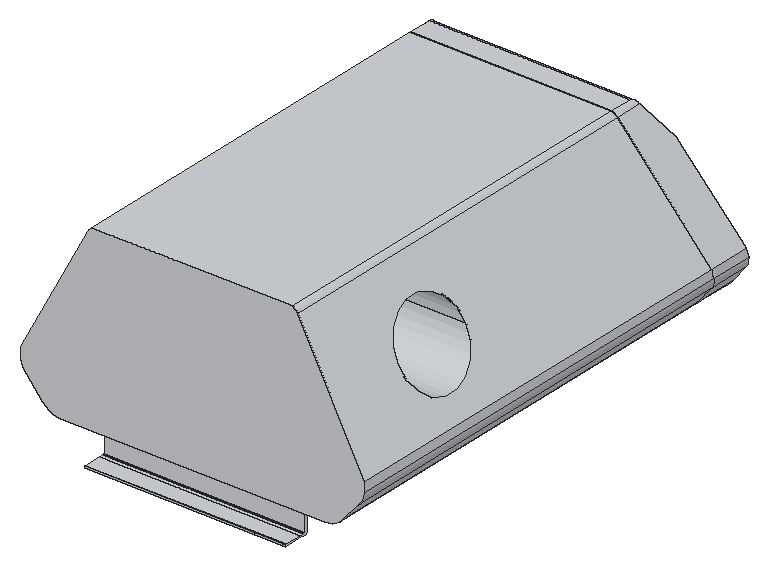
Revit family "Building-RicaricaVeicoliElettrici-GEWISS-JOINON-ION_PARETE-EV-R", category Apparecchi elettrici, host Superficie, Revit 2019
Family settings
  Host = Superficie
  Mantenere orientamento annotazione = No
  Quota connettore circolare = Usa diametro
  Tipo di parte = Normale
  Taglio con vuoti quando caricato = No
  Condiviso = No
  Punto di calcolo locali = No
Parameters (values of type "GWJ2123W100 - WB JOINON RFID 22 KW 1XT2S+SC - 3G EV-R")
  sp_y [instance] = 3306.156 mm
  sp_x [instance] = 2013.885 mm
  sp_effettivo_y [instance] = 4000 mm - sp_y  # 693.844 mm
  sp_effettivo_x [instance] = 4000 mm - sp_x  # 1986.115 mm
  bordo_simbolo [instance] = yes
  Versione file RFA = "19.4"
  URL = "https://www.gewiss.com/it/it"
  Trattamento superficiale = ""
  Trattamento esterno = "Anti-corrosione ed anti-graffito"
  Tipologia di installazione = ""
  Tipo di protezione differenziale = "Attualmente non presente"
  Tipo di installazione e montaggio = "A parete"
  Tensione nominale di isolamento (Ui) = "400 Volt"
  Tensione nominale = "400 Volt"
  Temperatura di utilizzo = "-25 +50 °C"
  Simbolo in pianta = yes
  Riarmo protezioni da remoto = "Attualmente non presente"
  Resistenza agli urti = "IK10"
  Protezioni = "No"
  Protezione magnetotermica = "Attualmente non presente"
  Default Elevation = 1219.2 mm
  Produttore = "GEWISS S.p.A."
  Prese di ricarica (EN62196) = ""
  Potenza max. = "22 kW per socket (2,3 kW per Tipo F)"
  Potenza massima per presa = ""
  Potenza di ricarica = "22 kW + 2,3 kW"
  Potenza complessiva: = "25 Chilowatt"
  Personalizzabile: = "SI (frontale)"
  OUTPUT : = "-"
  Numero di prese (tipo) = "1 (Tipo 2 anti-vandalo,  con shutter) + 1 (Tipo F)"
  N. Prese Tipo 2 = "1 (+1 prese domestiche tipo F)"
  Morsettiera: = "1 x (5 x 10 mm²) + 1 x (3 x 6 mm²)"
  Modo di ricarica (EN 61851) : = ""
  Modello = "GWJ2123W100"
  Materiale = "Lamiera d'acciaio"
  Lettore RFID = "Si"
  Immagine tipo = ION_PARETE.jpg
  INPUT: = "-"
  IDF = "35854cac-8071-4a65-aef2-cdb811c94d1a"
  Human Interface = "LED RGB e TFT Display"
  Grado di protezione = "IP54"
  Descrizione = "WB JOINON RFID 22 KW 1XT2S+SC - 3G EV-R"
  DC Leakage check = "Attualmente non presente"
  Creato da GEWISS S.p.A. = ""
  Corrente nominale: = "42 Ampere"
  Corrente massima per presa = ""
  Corrente in ingresso = ""
  Corrente erogata (max) = "32 A per socket (10 A per Tipo F)"
  Contatore di energia = "SI (Tipo MID)"
  ConnettivitÃ : = "LAN, WIFI, 4G"
  ConnettivitÃ  = ""
  Comunicazione = "Kit Ethernet e Modem 4G con antenna di potenziamento"
  Colore esterno = ""
  Colore = "Grigio, Testata RAL 7011"
  Codice Electrocod = ""
  Caratteristiche meccaniche = "-"
  COBie.Tagnumber = ""
  COBie.CreatedOn = ""
  COBie.CreatebBy = ""
  COBie.ComponentRegisterItemID = ""
  COBie.Component.TagNumber = ""
  COBie.Component.Space = ""
  COBie.Component.SerialNumber = ""
  COBie.Component.InstallationDate = ""
  COBie.Component.Description = ""
  COBie.Component.BarCode = ""
  Attivazione ricarica = "Gestito da remoto, via OCPP 1.6J"
  Alimentazione (2 linee separate) = ""
Types (17, lengths in mm): name | Trattamento superficiale | Tipologia di installazione | Tensione nominale di isolamento (Ui) | Tensione nominale | Prese di ricarica (EN62196) | Potenza max. | Potenza massima per presa | Potenza di ricarica | Potenza complessiva: | Numero di prese (tipo) | N. Prese Tipo 2 | Morsettiera: | Modo di ricarica (EN 61851) : | Modello | Lettore RFID | Grado di protezione | Descrizione | Corrente nominale: | Corrente massima per presa | Corrente in ingresso | Corrente erogata (max) | Contatore di energia | ConnettivitÃ : | ConnettivitÃ  | Comunicazione | Colore esterno | Codice Electrocod | Attivazione ricarica | Alimentazione (2 linee separate)
  (no name) | "Verniciatura superficiale anti-graffiti" | "A parete o su Palo" | "400 Volt" | "400 Volt" | "2 x Tipo 2" | "22 kW per socket (2,3 kW per Tipo F)" | "22 kW + 22 kW" | "22 kW + 2,3 kW" | "25 Chilowatt" | "1 (Tipo 2 anti-vandalo,  con shutter) + 1 (Tipo F)" | "1 (+1 prese domestiche tipo F)" | "1 x (5 x 10 mm²) + 1 x (3 x 6 mm²)" | "Modo 3" | "GWJ2123W100" | "Si" | "IP54" | "WB JOINON RFID 22 KW 1XT2S+SC - 3G EV-R" | "42 Ampere" | "32 A + 32 A" | "64 Ampere" | "32 A per socket (10 A per Tipo F)" | "SI (Tipo MID)" | "LAN, WIFI, 4G" | "OCPP 1.6 SOAP" | "Kit Ethernet e Modem 4G con antenna di potenziamento" | "Chassie Grigio, Cappello RAL7011" | "2242" | "Gestito da remoto, via OCPP 1.6J" | "Trifase 35 mm²"
  GWJ2101A100 - WB JOINON AUTOSTART 7,4 kW 2xT2S EV-R | "Verniciatura superficiale anti-graffiti" | "A parete o su Palo" | "230 Volt" | "230 Volt" | "2 x Tipo 2" | "7,4 kW per socket" | "7,4 kW + 7,4 kW" | "7,4 kW + 7,4 kW" | "15 Chilowatt" | "2 (Tipo 2 con shutter)" | "2" | "2 x (3 x 10 mm²)" | "Modo 3" | "GWJ2101A100" | "No" | "IP55" | "WB JOINON AUTOSTART 7,4 kW 2xT2S EV-R" | "64 Ampere" | "32 A + 32 A" | "64 Ampere" | "32 A per socket" | "Attualmente non presente" | "No" | "" | "" | "Chassie Grigio, Cappello RAL7011" | "2242" | "Accesso Libero" | "Monofase 35 mm²"
  GWJ2102A100 - WB JOINON AUTOSTART 11 kW 2xT2S EV-R | "Verniciatura superficiale anti-graffiti" | "A parete o su Palo" | "400 Volt" | "400 Volt" | "2 x Tipo 2" | "11 kW per socket" | "11 kW + 11 kW" | "11 kW + 11 kW" | "22 Chilowatt" | "2 (Tipo 2 con shutter)" | "2" | "2 x (5 x 10 mm²)" | "Modo 3" | "GWJ2102A100" | "No" | "IP55" | "WB JOINON AUTOSTART 11 kW 2xT2S EV-R" | "32 Ampere" | "16 A + 16 A" | "32 Ampere" | "16 A per socket" | "Attualmente non presente" | "No" | "" | "" | "Chassie Grigio, Cappello RAL7011" | "2242" | "Accesso Libero" | "Trifase 35 mm²"
  GWJ2103A100 - WB JOINON AUTOSTART 22 kW 2xT2S EV-R | "Verniciatura superficiale anti-graffiti" | "A parete o su Palo" | "400 Volt" | "400 Volt" | "2 x Tipo 2" | "22 kW per socket" | "22 kW + 22 kW" | "22 kW + 22 kW" | "44 Chilowatt" | "2 (Tipo 2 con shutter)" | "2" | "2 x (5 x 10 mm²)" | "Modo 3" | "GWJ2103A100" | "No" | "IP55" | "WB JOINON AUTOSTART 22 kW 2xT2S EV-R" | "64 Ampere" | "32 A + 32 A" | "64 Ampere" | "32 A per socket" | "Attualmente non presente" | "No" | "" | "" | "Chassie Grigio, Cappello RAL7011" | "2242" | "Accesso Libero" | "Trifase 35 mm²"
  GWJ2101R100 - WB JOINON RFID 7,4 kW 2xT2S EV-R | "Verniciatura superficiale anti-graffiti" | "A parete o su Palo" | "230 Volt" | "230 Volt" | "2 x Tipo 2" | "7,4 kW per socket" | "7,4 kW + 7,4 kW" | "7,4 kW + 7,4 kW" | "15 Chilowatt" | "2 (Tipo 2 anti-vandalo,  con shutter)" | "2" | "2 x (3 x 10 mm²)" | "Modo 3" | "GWJ2101R100" | "Si" | "IP55" | "WB JOINON RFID 7,4 kW 2xT2S EV-R" | "64 Ampere" | "32 A + 32 A" | "64 Ampere" | "32 A per socket" | "Attualmente non presente" | "No" | "" | "" | "Chassie Grigio, Cappello RAL7011" | "2242" | "Gestito localmente, via RFID" | "Monofase 35 mm²"
  GWJ2102R100 - WB JOINON RFID 11 kW 2xT2S EV-R | "Verniciatura superficiale anti-graffiti" | "A parete o su Palo" | "400 Volt" | "400 Volt" | "2 x Tipo 2" | "11 kW per socket" | "11 kW + 11 kW" | "11 kW + 11 kW" | "22 Chilowatt" | "2 (Tipo 2 anti-vandalo,  con shutter)" | "2" | "2 x (5 x 10 mm²)" | "Modo 3" | "GWJ2102R100" | "Si" | "IP55" | "WB JOINON RFID 11 kW 2xT2S EV-R" | "32 Ampere" | "16 A + 16 A" | "32 Ampere" | "16 A per socket" | "SI (Tipo MID)" | "No" | "" | "" | "Chassie Grigio, Cappello RAL7011" | "2242" | "Gestito localmente, via RFID" | "Trifase 35 mm²"
  GWJ2103R100 - WB JOINON RFID 22 kW 2xT2S EV-R | "Verniciatura superficiale anti-graffiti" | "A parete o su Palo" | "400 Volt" | "400 Volt" | "2 x Tipo 2" | "22 kW per socket" | "22 kW + 22 kW" | "22 kW + 22 kW" | "44 Chilowatt" | "2 (Tipo 2 anti-vandalo,  con shutter)" | "2" | "2 x (5 x 10 mm²)" | "Modo 3" | "GWJ2103R100" | "Si" | "IP55" | "WB JOINON RFID 22 kW 2xT2S EV-R" | "64 Ampere" | "32 A + 32 A" | "64 Ampere" | "32 A per socket" | "SI (Tipo MID)" | "No" | "" | "" | "Chassie Grigio, Cappello RAL7011" | "2242" | "Gestito localmente, via RFID" | "Trifase 35 mm²"
  GWJ2101L100 - WB JOINON RFID 7,4 KW 2XT2S - ETH EV-R | "Verniciatura superficiale anti-graffiti" | "A parete o su Palo" | "230 Volt" | "230 Volt" | "2 x Tipo 2" | "7,4 kW per socket" | "7,4 kW + 7,4 kW" | "7,4 kW + 7,4 kW" | "15 Chilowatt" | "2 (Tipo 2 anti-vandalo,  con shutter)" | "2" | "2 x (3 x 10 mm²)" | "Modo 3" | "GWJ2101L100" | "Si" | "IP55" | "WB JOINON RFID 7,4 KW 2XT2S - ETH EV-R" | "64 Ampere" | "32 A + 32 A" | "64 Ampere" | "32 A per socket" | "SI (Tipo MID)" | "LAN" | "OCPP 1.6 SOAP" | "Kit Ethernet" | "Chassie Grigio, Cappello RAL7011" | "2242" | "Gestito da remoto, via OCPP 1.6J" | "Monofase 35 mm²"
  GWJ2102L100 - WB JOINON RFID 11 KW 2XT2S - ETH EV-R | "Verniciatura superficiale anti-graffiti" | "A parete o su Palo" | "400 Volt" | "400 Volt" | "2 x Tipo 2" | "11 kW per socket" | "11 kW + 11 kW" | "11 kW + 11 kW" | "22 Chilowatt" | "2 (Tipo 2 anti-vandalo,  con shutter)" | "2" | "2 x (5 x 10 mm²)" | "Modo 3" | "GWJ2102L100" | "Si" | "IP55" | "WB JOINON RFID 11 KW 2XT2S - ETH EV-R" | "32 Ampere" | "16 A + 16 A" | "32 Ampere" | "16 A per socket" | "SI (Tipo MID)" | "LAN" | "OCPP 1.6 SOAP" | "Kit Ethernet" | "Chassie Grigio, Cappello RAL7011" | "2242" | "Gestito da remoto, via OCPP 1.6J" | "Trifase 35 mm²"
  GWJ2103L100 - WB JOINON RFID 22 KW 2XT2S - ETH EV-R | "Verniciatura superficiale anti-graffiti" | "A parete o su Palo" | "400 Volt" | "400 Volt" | "2 x Tipo 2" | "22 kW per socket" | "22 kW + 22 kW" | "22 kW + 22 kW" | "44 Chilowatt" | "2 (Tipo 2 anti-vandalo,  con shutter)" | "2" | "2 x (5 x 10 mm²)" | "Modo 3" | "GWJ2103L100" | "Si" | "IP55" | "WB JOINON RFID 22 KW 2XT2S - ETH EV-R" | "64 Ampere" | "32 A + 32 A" | "64 Ampere" | "32 A per socket" | "SI (Tipo MID)" | "LAN" | "OCPP 1.6 SOAP" | "Kit Ethernet" | "Chassie Grigio, Cappello RAL7011" | "2242" | "Gestito da remoto, via OCPP 1.6J" | "Trifase 35 mm²"
  GWJ2101W100 - WB JOINON RFID 7,4 KW 2XT2S - 3G EV-R | "Verniciatura superficiale anti-graffiti" | "A parete o su Palo" | "230 Volt" | "230 Volt" | "2 x Tipo 2" | "7,4 kW per socket" | "7,4 kW + 7,4 kW" | "7,4 kW + 7,4 kW" | "15 Chilowatt" | "2 (Tipo 2 anti-vandalo,  con shutter)" | "2" | "2 x (3 x 10 mm²)" | "Modo 3" | "GWJ2101W100" | "Si" | "IP55" | "WB JOINON RFID 7,4 KW 2XT2S - 3G EV-R" | "64 Ampere" | "32 A + 32 A" | "64 Ampere" | "32 A per socket" | "SI (Tipo MID)" | "LAN, WIFI, 4G" | "OCPP 1.6 SOAP" | "Kit Ethernet e Modem 4G con antenna di potenziamento" | "Chassie Grigio, Cappello RAL7011" | "2242" | "Gestito da remoto, via OCPP 1.6J" | "Monofase 35 mm²"
  GWJ2102W100 - WB JOINON RFID 11 KW 2XT2S - 3G EV-R | "Verniciatura superficiale anti-graffiti" | "A parete o su Palo" | "400 Volt" | "400 Volt" | "2 x Tipo 2" | "11 kW per socket" | "11 kW + 11 kW" | "11 kW + 11 kW" | "22 Chilowatt" | "2 (Tipo 2 anti-vandalo,  con shutter)" | "2" | "2 x (5 x 10 mm²)" | "Modo 3" | "GWJ2102W100" | "Si" | "IP55" | "WB JOINON RFID 11 KW 2XT2S - 3G EV-R" | "32 Ampere" | "16 A + 16 A" | "32 Ampere" | "16 A per socket" | "SI (Tipo MID)" | "LAN, WIFI, 4G" | "OCPP 1.6 SOAP" | "Kit Ethernet e Modem 4G con antenna di potenziamento" | "Chassie Grigio, Cappello RAL7011" | "2242" | "Gestito da remoto, via OCPP 1.6J" | "Trifase 35 mm²"
  GWJ2103W100 - WB JOINON RFID 22 KW 2XT2S - 3G EV-R | "Verniciatura superficiale anti-graffiti" | "A parete o su Palo" | "400 Volt" | "400 Volt" | "2 x Tipo 2" | "22 kW per socket" | "22 kW + 22 kW" | "22 kW + 22 kW" | "44 Chilowatt" | "2 (Tipo 2 anti-vandalo,  con shutter)" | "2" | "2 x (5 x 10 mm²)" | "Modo 3" | "GWJ2103W100" | "Si" | "IP55" | "WB JOINON RFID 22 KW 2XT2S - 3G EV-R" | "64 Ampere" | "32 A + 32 A" | "64 Ampere" | "32 A per socket" | "SI (Tipo MID)" | "LAN, WIFI, 4G" | "OCPP 1.6 SOAP" | "Kit Ethernet e Modem 4G con antenna di potenziamento" | "Chassie Grigio, Cappello RAL7011" | "2242" | "Gestito da remoto, via OCPP 1.6J" | "Trifase 35 mm²"
  GWJ2121R100 - WB JOINON RFID 7,4 kW 1xT2S+SC EV-R | "" | "" | "230 Volt" | "230 Volt" | "" | "7,4 kW per socket (2,3 kW per Tipo F)" | "" | "7,4 kW + 2,3 kW" | "10 Chilowatt" | "1 (Tipo 2 anti-vandalo,  con shutter) + 1 (Tipo F)" | "1 (+1 prese domestiche tipo F)" | "1 x (3 x 10 mm²) + 1 x (3 x 6 mm²)" | "" | "GWJ2121R100" | "Si" | "IP54" | "WB JOINON RFID 7,4 kW 1xT2S+SC EV-R" | "42 Ampere" | "" | "" | "32 A per socket (10 A per Tipo F)" | "SI (Tipo MID)" | "No" | "" | "" | "" | "" | "Gestito localmente, via RFID" | ""
  GWJ2123R100 - WB JOINON RFID 22 kW 1xT2S+SC EV-R | "" | "" | "400 Volt" | "400 Volt" | "" | "22 kW per socket (2,3 kW per Tipo F)" | "" | "22 kW + 2,3 kW" | "25 Chilowatt" | "1 (Tipo 2 anti-vandalo,  con shutter) + 1 (Tipo F)" | "1 (+1 prese domestiche tipo F)" | "1 x (5 x 10 mm²) + 1 x (3 x 6 mm²)" | "" | "GWJ2123R100" | "Si" | "IP54" | "WB JOINON RFID 22 kW 1xT2S+SC EV-R" | "42 Ampere" | "" | "" | "32 A per socket (10 A per Tipo F)" | "SI (Tipo MID)" | "No" | "" | "" | "" | "" | "Gestito localmente, via RFID" | ""
  GWJ2121W100 - WB JOINON RFID 7,4 KW 1XT2S+SC - 3G EV-R | "" | "" | "230 Volt" | "230 Volt" | "" | "7,4 kW per socket (2,3 kW per Tipo F)" | "" | "7,4 kW + 2,3 kW" | "10 Chilowatt" | "1 (Tipo 2 anti-vandalo,  con shutter) + 1 (Tipo F)" | "1 (+1 prese domestiche tipo F)" | "1 x (3 x 10 mm²) + 1 x (3 x 6 mm²)" | "" | "GWJ2121W100" | "Si" | "IP54" | "WB JOINON RFID 7,4 KW 1XT2S+SC - 3G EV-R" | "42 Ampere" | "" | "" | "32 A per socket (10 A per Tipo F)" | "SI (Tipo MID)" | "LAN, WIFI, 4G" | "" | "Kit Ethernet e Modem 4G con antenna di potenziamento" | "" | "" | "Gestito da remoto, via OCPP 1.6J" | ""
  GWJ2123W100 - WB JOINON RFID 22 KW 1XT2S+SC - 3G EV-R | "" | "" | "400 Volt" | "400 Volt" | "" | "22 kW per socket (2,3 kW per Tipo F)" | "" | "22 kW + 2,3 kW" | "25 Chilowatt" | "1 (Tipo 2 anti-vandalo,  con shutter) + 1 (Tipo F)" | "1 (+1 prese domestiche tipo F)" | "1 x (5 x 10 mm²) + 1 x (3 x 6 mm²)" | "" | "GWJ2123W100" | "Si" | "IP54" | "WB JOINON RFID 22 KW 1XT2S+SC - 3G EV-R" | "42 Ampere" | "" | "" | "32 A per socket (10 A per Tipo F)" | "SI (Tipo MID)" | "LAN, WIFI, 4G" | "" | "Kit Ethernet e Modem 4G con antenna di potenziamento" | "" | "" | "Gestito da remoto, via OCPP 1.6J" | ""
Reference planes
  plane 1 "Centro (Fronte/Retro)": y = 0
  plane 2: z = 0
  plane 3 "Centro (Sinistra/Destra)": x = 0
  plane 4: x = -1986.115
  plane 5: y = -693.844
  plane 6: x = 0
  plane 7: y = 0
Dimensions and locks
  plane 4 to plane 3 "Centro (Sinistra/Destra)" = 1986.115 mm
  "sp_effettivo_x": plane 4 to plane 6
  plane 1 "Centro (Fronte/Retro)" to plane 5 = 693.844 mm
  "sp_effettivo_y": plane 7 to plane 5
  aligned and locked: plane 2 to host face
  aligned and locked: level to host face
  aligned and locked: plane 3 "Centro (Sinistra/Destra)" to nested 1
  aligned and locked: plane 6 to nested 2
  aligned and locked: nested 2 to plane 7
Automatic sketch dimensions
  host sketch curve to host sketch curve = 2438.4 mm  (x2)
Nested families
  nested 1: "wall" at (0, -100, 0), type "wall"
  nested 2: "simb_torretta" at (0, 0, 0), Visibilita' simbolo <- "Simbolo in pianta", Bordo simbolo <- "bordo_simbolo", type "simb_torretta"
    with Visibilita' simbolo yes, Bordo simbolo yes
Definition of nested family "wall"
  Parameters (values of type "wall")
    s = 430 mm
  Reference planes
    plane 1 "Centro (Fronte/Retro)": y = 0
    plane 2: z = 0
    plane 3 "Centro (Sinistra/Destra)": x = 0
    plane 4: x = -215
    plane 5: x = 215
    plane 6: x = -108.884
    plane 7: x = 321.116
  Forms (mm)
    Extrusion 1, solid
      sketch origin (0, 0, 0) x (0, 1, 0) y (0, 0, 1)
        loop
          line (320.67, 30.739) -> (365.899, 30.739)
          arc (365.899, 30.739) -> (370.664, 33.093) -> (371.69, 38.308) r 6
          line (371.69, 38.308) -> (369.397, 46.865) -> (362.849, 71.304) -> (355.696, 97.998) -> (325.146, 212.013)
          arc (325.146, 212.013) -> (324.788, 212.995) -> (324.266, 213.901) r 6
          line (324.266, 213.901) -> (297.761, 251.753) -> (292.56, 259.181)
          arc (292.56, 259.181) -> (290.416, 261.061) -> (287.645, 261.739) r 6
          line (287.645, 261.739) -> (258.774, 261.739) -> (320.67, 30.739)
      from -215 to 215
    Extrusion 2, void
      sketch origin (0, 0, 0) x (1, 0, 0) y (0, 0, 1)
        loop
          line (-215, 265.836) -> (-215, 96.799) -> (-130.803, 255.15)
          arc (-130.803, 255.15) -> (-123.441, 262.957) -> (-113.103, 265.836) r 20.002
          line (-113.103, 265.836) -> (-215, 265.836)
      from -385.124 to -245.285
    Extrusion 3, void
      sketch origin (0, 0, 0) x (1, 0, 0) y (0, 0, 1)
        loop
          line (-215, 84.809) -> (-215, 15.72) -> (-164.527, 15.72) -> (170.662, 15.72) -> (215, 15.72) -> (215, 84.809)
          arc (215, 84.809) -> (212.323, 76.409) -> (207.319, 69.15) r 30.002
          line (207.319, 69.15) -> (187.507, 45.474)
          arc (187.507, 45.474) -> (177.196, 37.566) -> (164.509, 34.76) r 30.002
          line (164.509, 34.76) -> (-163.79, 34.615)
          arc (-163.79, 34.615) -> (-176.663, 37.491) -> (-187.089, 45.57) r 30.254
          line (-187.089, 45.57) -> (-207.319, 69.15)
          arc (-207.319, 69.15) -> (-212.323, 76.409) -> (-215, 84.809) r 30.002
      from -395.704 to -259.895
    Extrusion 4, void
      sketch origin (0, 0, 0) x (-1, 0, 0) y (0, 0, -1)
        loop
          line (-215, -265.836) -> (-113.103, -265.836)
          arc (-113.103, -265.836) -> (-123.441, -262.957) -> (-130.803, -255.15) r 20.002
          line (-130.803, -255.15) -> (-215, -96.799) -> (-215, -265.836)
      from -385.124 to -245.285
    Extrusion 5, solid
      sketch origin (0, 0, 0) x (1, 0, 0) y (0, 0, 1)
        loop
          line (125.232, 261.739) -> (-125.232, 261.739)
          arc (-125.232, 261.739) -> (-128.377, 258.749) -> (-130.803, 255.15) r 20.002
          line (-130.803, 255.15) -> (-215, 96.799) -> (-215, 84.815)
          spline (-215, 84.815) -> (-214.732, 83.372) -> (-214.392, 81.942) -> (-213.981, 80.531) -> (-213.501, 79.14) -> (-212.951, 77.773) -> (-212.334, 76.433) -> (-211.651, 75.123) -> (-210.904, 73.847) -> (-210.093, 72.607) -> (-209.222, 71.406) -> (-208.291, 70.247) -> (-207.304, 69.133)
          line (-207.304, 69.133) -> (-186.899, 45.349)
          spline (-186.899, 45.349) -> (-185.475, 43.764) -> (-183.935, 42.284) -> (-182.287, 40.915) -> (-180.541, 39.666) -> (-178.706, 38.543) -> (-176.79, 37.551) -> (-174.806, 36.697) -> (-172.762, 35.985) -> (-170.67, 35.418) -> (-168.54, 34.999) -> (-166.385, 34.731) -> (-164.216, 34.615)
          line (-164.216, 34.615) -> (164.962, 34.759)
          spline (164.962, 34.759) -> (167.12, 34.875) -> (169.264, 35.143) -> (171.382, 35.561) -> (173.463, 36.128) -> (175.495, 36.84) -> (177.469, 37.693) -> (179.372, 38.683) -> (181.196, 39.804) -> (182.93, 41.051) -> (184.565, 42.417) -> (186.093, 43.894) -> (187.505, 45.475)
          line (187.505, 45.475) -> (207.308, 69.137)
          spline (207.308, 69.137) -> (208.295, 70.251) -> (209.224, 71.409) -> (210.095, 72.61) -> (210.905, 73.85) -> (211.653, 75.126) -> (212.336, 76.435) -> (212.952, 77.775) -> (213.501, 79.141) -> (213.982, 80.532) -> (214.392, 81.943) -> (214.732, 83.372) -> (215, 84.815)
          line (215, 84.815) -> (215, 96.799) -> (130.803, 255.15)
          arc (130.803, 255.15) -> (128.377, 258.749) -> (125.232, 261.739) r 20.002
      from -402.043 to 237.9
    Extrusion 6, void
      sketch origin (0, 0, 0) x (0, 1, 0) y (0, 0, 1)
        loop
          line (402.043, 0) -> (402.043, 290) -> (251.202, 290) -> (328.907, 0) -> (402.043, 0)
      from -373.812 to 250
    Extrusion 7, solid
      sketch origin (0, 0, 1.5) x (0, 1, 0) y (0, 0, 1)
        loop
          line (-187.168, 26.839) -> (-182.168, 26.839) -> (-182.168, 28.839) -> (-187.168, 28.839) -> (-216.668, 28.839)
          arc (-216.668, 28.839) -> (-218.435, 28.107) -> (-219.168, 26.339) r 2.5
          line (-219.168, 26.339) -> (-219.168, -0.661)
          arc (-219.168, -0.661) -> (-219.314, -1.014) -> (-219.668, -1.161) r 0.5
          line (-219.668, -1.161) -> (-222.097, -1.161) -> (-225.632, -1.161) -> (-247.703, -1.161) -> (-249.168, -1.161) -> (-249.168, -3.161) -> (-247.703, -3.161) -> (-225.632, -3.161) -> (-222.097, -3.161) -> (-219.668, -3.161)
          arc (-219.668, -3.161) -> (-217.9, -2.428) -> (-217.168, -0.661) r 2.5
          line (-217.168, -0.661) -> (-217.168, 26.339)
          arc (-217.168, 26.339) -> (-217.021, 26.693) -> (-216.668, 26.839) r 0.5
          line (-216.668, 26.839) -> (-187.168, 26.839)
        loop
          line (289.832, 1.339) -> (289.832, 26.339)
          arc (289.832, 26.339) -> (289.1, 28.107) -> (287.332, 28.839) r 2.5
          line (287.332, 28.839) -> (255.832, 28.839) -> (254.832, 28.839) -> (254.832, 26.839) -> (255.832, 26.839) -> (287.332, 26.839)
          arc (287.332, 26.839) -> (287.686, 26.693) -> (287.832, 26.339) r 0.5
          line (287.832, 26.339) -> (287.832, 1.339)
          arc (287.832, 1.339) -> (287.686, 0.986) -> (287.332, 0.839) r 0.5
          line (287.332, 0.839) -> (278.832, 0.839) -> (277.832, 0.839) -> (267.832, 0.839) -> (255.832, 0.839) -> (254.832, 0.839) -> (253.332, 0.839) -> (250.832, 0.839) -> (250.832, -1.161) -> (253.332, -1.161) -> (254.832, -1.161) -> (255.832, -1.161) -> (267.832, -1.161) -> (277.832, -1.161) -> (278.832, -1.161) -> (287.332, -1.161)
          arc (287.332, -1.161) -> (289.1, -0.428) -> (289.832, 1.339) r 2.5
      from -125.232 to 125.232
    Extrusion 8, solid, not visible
      sketch origin (0, 0, 0) x (0, 1, 0) y (0, 0, 1)
        loop
          line (-187.168, 26.839) -> (-182.168, 26.839) -> (-182.168, 28.839) -> (-187.168, 28.839) -> (-216.668, 28.839)
          arc (-216.668, 28.839) -> (-218.435, 28.107) -> (-219.168, 26.339) r 2.5
          line (-219.168, 26.339) -> (-219.168, -0.661)
          arc (-219.168, -0.661) -> (-219.314, -1.014) -> (-219.668, -1.161) r 0.5
          line (-219.668, -1.161) -> (-222.097, -1.161) -> (-225.632, -1.161) -> (-247.703, -1.161) -> (-249.168, -1.161) -> (-249.168, -3.161) -> (-247.703, -3.161) -> (-225.632, -3.161) -> (-222.097, -3.161) -> (-219.668, -3.161)
          arc (-219.668, -3.161) -> (-217.9, -2.428) -> (-217.168, -0.661) r 2.5
          line (-217.168, -0.661) -> (-217.168, 26.339)
          arc (-217.168, 26.339) -> (-217.021, 26.693) -> (-216.668, 26.839) r 0.5
          line (-216.668, 26.839) -> (-187.168, 26.839)
        loop
          line (289.832, 1.339) -> (289.832, 26.339)
          arc (289.832, 26.339) -> (289.1, 28.107) -> (287.332, 28.839) r 2.5
          line (287.332, 28.839) -> (255.832, 28.839) -> (254.832, 28.839) -> (254.832, 26.839) -> (255.832, 26.839) -> (287.332, 26.839)
          arc (287.332, 26.839) -> (287.686, 26.693) -> (287.832, 26.339) r 0.5
          line (287.832, 26.339) -> (287.832, 1.339)
          arc (287.832, 1.339) -> (287.686, 0.986) -> (287.332, 0.839) r 0.5
          line (287.332, 0.839) -> (278.832, 0.839) -> (277.832, 0.839) -> (267.832, 0.839) -> (255.832, 0.839) -> (254.832, 0.839) -> (253.332, 0.839) -> (250.832, 0.839) -> (250.832, -1.161) -> (253.332, -1.161) -> (254.832, -1.161) -> (255.832, -1.161) -> (267.832, -1.161) -> (277.832, -1.161) -> (278.832, -1.161) -> (287.332, -1.161)
          arc (287.332, -1.161) -> (289.1, -0.428) -> (289.832, 1.339) r 2.5
      from -125.232 to 125.232
    Extrusion 9, void
      sketch origin (0, 0, 0) x (0, 1, 0) y (0, 0, 1)
        loop
          spline (-138.168, 170.455) -> (-136.362, 158.343) -> (-131.067, 147.057) -> (-122.644, 137.365) -> (-111.668, 129.928) -> (-98.885, 125.253) -> (-85.168, 123.659) -> (-71.45, 125.253) -> (-58.668, 129.928) -> (-47.691, 137.365) -> (-39.268, 147.057) -> (-33.974, 158.343) -> (-32.168, 170.455)
          spline (-32.168, 170.455) -> (-33.974, 182.567) -> (-39.268, 193.853) -> (-47.691, 203.545) -> (-58.668, 210.982) -> (-71.45, 215.657) -> (-85.168, 217.251) -> (-98.885, 215.657) -> (-111.668, 210.982) -> (-122.644, 203.545) -> (-131.067, 193.853) -> (-136.362, 182.567) -> (-138.168, 170.455)
      from 0 to 250
    Extrusion 10, void
      sketch origin (0, 0, 0) x (0, 1, 0) y (0, 0, -1)
        loop
          spline (-138.168, -170.455) -> (-136.362, -182.567) -> (-131.067, -193.853) -> (-122.644, -203.545) -> (-111.668, -210.982) -> (-98.885, -215.657) -> (-85.168, -217.251) -> (-71.45, -215.657) -> (-58.668, -210.982) -> (-47.691, -203.545) -> (-39.268, -193.853) -> (-33.974, -182.567) -> (-32.168, -170.455)
          spline (-32.168, -170.455) -> (-33.974, -158.343) -> (-39.268, -147.057) -> (-47.691, -137.365) -> (-58.668, -129.928) -> (-71.45, -125.253) -> (-85.168, -123.659) -> (-98.885, -125.253) -> (-111.668, -129.928) -> (-122.644, -137.365) -> (-131.067, -147.057) -> (-136.362, -158.343) -> (-138.168, -170.455)
      from 54.978 to 373.812
  Cuts and joins
    Extrusion 2, Extrusion 3, Extrusion 4 cuts Extrusion 1
    Extrusion 6, Extrusion 9, Extrusion 10 cuts Extrusion 5
  Dimensions and locks
    equal spacing: plane 5, plane 3 "Centro (Sinistra/Destra)", plane 4
    "s": plane 5 to plane 4
    level to Extrusion 1 = 261.739 mm
    locked: plane 3 "Centro (Sinistra/Destra)" to cut or joined group of Extrusion 5, Extrusion 6, Extrusion 9, Extrusion 10 at 54.978
    aligned and locked: level to plane 2
    aligned and locked: Extrusion 1 to plane 4
    aligned and locked: plane 5 to Extrusion 1
    aligned and locked: Extrusion 3 sketch curve to plane 4
    aligned and locked: Extrusion 7 to cut or joined group of Extrusion 1, Extrusion 2, Extrusion 3, Extrusion 4  (x2)
  Automatic sketch dimensions
    Extrusion 7 sketch curve to Extrusion 7 sketch curve = 0 mm  (x23)
    Extrusion 7 sketch curve to Extrusion 7 sketch curve = 1.464 mm  (x2)
    Extrusion 7 sketch curve to Extrusion 7 sketch curve = 22.071 mm
    Extrusion 7 sketch curve to Extrusion 7 sketch curve = 3.536 mm
    Extrusion 7 sketch curve to Extrusion 7 sketch curve = 2.429 mm
    Extrusion 7 sketch curve to Extrusion 7 sketch curve = 0.5 mm  (x4)
    Extrusion 7 sketch curve to Extrusion 7 sketch curve = 29.5 mm
    Extrusion 7 sketch curve to Extrusion 7 sketch curve = 5 mm
    Extrusion 7 sketch curve to Extrusion 7 sketch curve = 2.5 mm
    Extrusion 7 sketch curve to Extrusion 7 sketch curve = 1.5 mm  (x3)
    Extrusion 7 sketch curve to Extrusion 7 sketch curve = 1 mm  (x6)
    Extrusion 7 sketch curve to Extrusion 7 sketch curve = 12 mm
    Extrusion 7 sketch curve to Extrusion 7 sketch curve = 10 mm
    Extrusion 7 sketch curve to Extrusion 7 sketch curve = 8.5 mm
    Extrusion 7 sketch curve to Extrusion 7 sketch curve = 25 mm
    Extrusion 7 sketch curve to Extrusion 7 sketch curve = 2 mm  (x2)
    Extrusion 7 sketch curve to Extrusion 7 sketch curve = 433 mm
    Extrusion 7 sketch curve to Extrusion 7 sketch curve = 27 mm
    Extrusion 8 sketch curve to Extrusion 8 sketch curve = 0 mm  (x23)
    Extrusion 8 sketch curve to Extrusion 8 sketch curve = 1.464 mm  (x2)
    Extrusion 8 sketch curve to Extrusion 8 sketch curve = 22.071 mm
    Extrusion 8 sketch curve to Extrusion 8 sketch curve = 3.536 mm
    Extrusion 8 sketch curve to Extrusion 8 sketch curve = 2.429 mm
    Extrusion 8 sketch curve to Extrusion 8 sketch curve = 0.5 mm  (x4)
    Extrusion 8 sketch curve to Extrusion 8 sketch curve = 29.5 mm
    Extrusion 8 sketch curve to Extrusion 8 sketch curve = 5 mm
    Extrusion 8 sketch curve to Extrusion 8 sketch curve = 2.5 mm
    Extrusion 8 sketch curve to Extrusion 8 sketch curve = 1.5 mm  (x3)
    Extrusion 8 sketch curve to Extrusion 8 sketch curve = 1 mm  (x6)
    Extrusion 8 sketch curve to Extrusion 8 sketch curve = 12 mm
    Extrusion 8 sketch curve to Extrusion 8 sketch curve = 10 mm
    Extrusion 8 sketch curve to Extrusion 8 sketch curve = 8.5 mm
    Extrusion 8 sketch curve to Extrusion 8 sketch curve = 25 mm
    Extrusion 8 sketch curve to Extrusion 8 sketch curve = 2 mm  (x2)
    Extrusion 8 sketch curve to Extrusion 8 sketch curve = 433 mm
    Extrusion 8 sketch curve to Extrusion 8 sketch curve = 27 mm
    Extrusion 1 sketch curve to plane 1 "Centro (Fronte/Retro)" = 258.774 mm
    Extrusion 1 sketch curve to Extrusion 1 sketch curve = 28.871 mm
    Extrusion 1 sketch curve to Extrusion 1 sketch curve = 4.915 mm  (x2)
    Extrusion 1 sketch curve to Extrusion 1 sketch curve = 5.201 mm
    Extrusion 1 sketch curve to Extrusion 1 sketch curve = 21.589 mm
    level to Extrusion 1 sketch curve = 30.739 mm
    Extrusion 1 sketch curve to Extrusion 1 sketch curve = 1.32 mm
    level to Extrusion 1 sketch curve = 212.013 mm
    Extrusion 1 sketch curve to Extrusion 1 sketch curve = 0.881 mm
    level to Extrusion 1 sketch curve = 97.998 mm
    Extrusion 1 sketch curve to Extrusion 1 sketch curve = 35.026 mm
    level to Extrusion 1 sketch curve = 71.304 mm
    Extrusion 1 sketch curve to Extrusion 1 sketch curve = 7.153 mm
    Extrusion 1 sketch curve to Extrusion 1 sketch curve = 3.05 mm
    level to Extrusion 1 sketch curve = 46.865 mm
    Extrusion 1 sketch curve to Extrusion 1 sketch curve = 3.498 mm
    level to Extrusion 1 sketch curve = 38.308 mm
    Extrusion 1 sketch curve to Extrusion 1 sketch curve = 5.791 mm
    Extrusion 1 sketch curve to Extrusion 1 sketch curve = 1.553 mm
    Extrusion 1 sketch curve to Extrusion 1 sketch curve = 37.852 mm
    Extrusion 1 sketch curve to Extrusion 1 sketch curve = 3.986 mm
    Extrusion 1 sketch curve to Extrusion 1 sketch curve = 3.441 mm
    Extrusion 2 sketch curve to plane 4 = 0 mm
    Extrusion 2 sketch curve to plane 6 = 21.92 mm
    Extrusion 2 sketch curve to plane 6 = 4.22 mm  (x2)
    level to Extrusion 2 sketch curve = 96.799 mm
    Extrusion 2 sketch curve to Extrusion 2 sketch curve = 149.034 mm
    Extrusion 2 sketch curve to Extrusion 2 sketch curve = 9.316 mm
    Extrusion 2 sketch curve to Extrusion 2 sketch curve = 10.686 mm
    Extrusion 3 sketch curve to plane 5 = 0 mm
    plane 4 to Extrusion 3 sketch curve = 7.681 mm
    plane 4 to Extrusion 3 sketch curve = 27.911 mm
    plane 4 to Extrusion 3 sketch curve = 29.614 mm
    level to Extrusion 3 sketch curve = 15.72 mm
    Extrusion 3 sketch curve to Extrusion 3 sketch curve = 22.562 mm
    Extrusion 3 sketch curve to Extrusion 3 sketch curve = 23.299 mm
    Extrusion 3 sketch curve to plane 5 = 50.491 mm
    Extrusion 3 sketch curve to Extrusion 3 sketch curve = 0.018 mm
    Extrusion 3 sketch curve to Extrusion 3 sketch curve = 6.153 mm
    Extrusion 3 sketch curve to plane 5 = 29.614 mm
    Extrusion 3 sketch curve to Extrusion 3 sketch curve = 22.998 mm
    Extrusion 3 sketch curve to plane 5 = 7.681 mm
    Extrusion 3 sketch curve to Extrusion 3 sketch curve = 18.895 mm
    Extrusion 3 sketch curve to Extrusion 3 sketch curve = 19.039 mm
    Extrusion 3 sketch curve to Extrusion 3 sketch curve = 10.714 mm
    Extrusion 3 sketch curve to Extrusion 3 sketch curve = 10.955 mm
    Extrusion 3 sketch curve to Extrusion 3 sketch curve = 23.58 mm
    Extrusion 3 sketch curve to Extrusion 3 sketch curve = 23.677 mm
    Extrusion 3 sketch curve to Extrusion 3 sketch curve = 15.659 mm  (x2)
    Extrusion 4 sketch curve to plane 5 = 0 mm
    plane 5 to Extrusion 4 sketch curve = 84.197 mm
    Extrusion 4 sketch curve to Extrusion 4 sketch curve = 17.7 mm
    Extrusion 4 sketch curve to level = 96.799 mm
    Extrusion 4 sketch curve to Extrusion 4 sketch curve = 149.034 mm
    Extrusion 4 sketch curve to Extrusion 4 sketch curve = 9.316 mm
    Extrusion 4 sketch curve to Extrusion 4 sketch curve = 10.686 mm
    Extrusion 4 sketch curve to Extrusion 4 sketch curve = 0 mm
    Extrusion 5 sketch curve to plane 4 = 0 mm
    Extrusion 5 sketch curve to plane 5 = 0 mm
    plane 4 to Extrusion 5 sketch curve = 7.696 mm
    plane 4 to Extrusion 5 sketch curve = 28.101 mm
    Extrusion 5 sketch curve to Extrusion 5 sketch curve = 22.684 mm
    Extrusion 5 sketch curve to plane 6 = 21.92 mm
    Extrusion 5 sketch curve to Extrusion 5 sketch curve = 5.571 mm  (x2)
    Extrusion 5 sketch curve to plane 6 = 4.22 mm
    Extrusion 5 sketch curve to plane 5 = 101.897 mm
    Extrusion 5 sketch curve to Extrusion 5 sketch curve = 12.129 mm
    Extrusion 5 sketch curve to plane 5 = 50.038 mm
    Extrusion 5 sketch curve to Extrusion 5 sketch curve = 22.544 mm
    Extrusion 5 sketch curve to plane 5 = 7.692 mm
    level to Extrusion 5 sketch curve = 34.615 mm
    level to Extrusion 5 sketch curve = 34.759 mm
    Extrusion 5 sketch curve to Extrusion 5 sketch curve = 10.734 mm
    Extrusion 5 sketch curve to Extrusion 5 sketch curve = 10.717 mm
    Extrusion 5 sketch curve to Extrusion 5 sketch curve = 23.783 mm
    Extrusion 5 sketch curve to Extrusion 5 sketch curve = 23.661 mm
    Extrusion 5 sketch curve to Extrusion 5 sketch curve = 15.678 mm
    Extrusion 5 sketch curve to Extrusion 5 sketch curve = 15.682 mm
    Extrusion 5 sketch curve to Extrusion 5 sketch curve = 11.984 mm  (x2)
    Extrusion 5 sketch curve to Extrusion 5 sketch curve = 149.034 mm  (x2)
    Extrusion 5 sketch curve to Extrusion 5 sketch curve = 9.316 mm
    Extrusion 5 sketch curve to plane 4 = 0.37 mm
    Extrusion 5 sketch curve to Extrusion 5 sketch curve = 13.789 mm
    Extrusion 5 sketch curve to Extrusion 5 sketch curve = 9.645 mm
    Extrusion 5 sketch curve to Extrusion 5 sketch curve = 0.563 mm
    Extrusion 5 sketch curve to Extrusion 5 sketch curve = 0.567 mm
    Extrusion 5 sketch curve to Extrusion 5 sketch curve = 23.438 mm
    Extrusion 5 sketch curve to Extrusion 5 sketch curve = 13.306 mm
    plane 5 to Extrusion 5 sketch curve = 0.37 mm
    Extrusion 6 sketch curve to level = 0 mm
    Extrusion 6 sketch curve to plane 1 "Centro (Fronte/Retro)" = 251.202 mm
    Extrusion 6 sketch curve to Extrusion 6 sketch curve = 77.705 mm
    Extrusion 6 sketch curve to Extrusion 6 sketch curve = 150.842 mm
    level to Extrusion 6 sketch curve = 290 mm
    plane 1 "Centro (Fronte/Retro)" to Extrusion 9 sketch curve = 138.168 mm
    level to Extrusion 9 sketch curve = 170.455 mm
    Extrusion 9 sketch curve to Extrusion 9 sketch curve = 53 mm
    plane 1 "Centro (Fronte/Retro)" to Extrusion 10 sketch curve = 138.168 mm
    level to Extrusion 10 sketch curve = 170.455 mm
    Extrusion 10 sketch curve to Extrusion 10 sketch curve = 53 mm
Definition of nested family "simb_torretta"
  Parameters (values of type "simb_torretta")
    Visibilita' simbolo [instance] = yes
    Bordo simbolo [instance] = yes
  Reference planes
    plane 1 "Centro (Fronte/Retro)": y = 0
    plane 2: z = 0
    plane 3 "Centro (Sinistra/Destra)": x = 0
  Lines and regions (mm)
    detail lines, in view "Livello rif.", visible <- "Bordo simbolo"
      curve 1: line (-96.5, 250, 0) -> (101.5, 250, 0)
      curve 2: line (101.5, 250, 0) -> (101.5, 0, 0)
      curve 3: line (101.5, 0, 0) -> (-96.5, 0, 0)
      curve 4: line (-96.5, 0, 0) -> (-96.5, 250, 0)
      curve 5: line (101.5, 125, 0) -> (91.744, 125, 0)
      curve 6: line (-79.833, 125, 0) -> (-96.5, 125, 0)
    detail lines, in view "Livello rif.", visible <- "Visibilita' simbolo"
      curve 7: line (63.369, 20.256, 0) -> (63.369, 0, 0)
      curve 9: line (-63.369, 20.256, 0) -> (63.369, 20.256, 0)
      curve 10: line (49.772, 20.256, 0) -> (49.772, 185.328, 0)
      curve 11: line (38.072, 197.028, 0) -> (-41.162, 197.028, 0)
      curve 12: line (-52.903, 185.287, 0) -> (-52.903, 20.256, 0)
      curve 13: line (31.542, 136.002, 0) -> (31.542, 177.347, 0)
      curve 14: line (31.542, 177.347, 0) -> (-34.673, 177.347, 0)
      curve 15: line (-34.673, 177.347, 0) -> (-34.673, 136.002, 0)
      curve 16: line (-34.673, 136.002, 0) -> (31.542, 136.002, 0)
      curve 17: line (84.479, 146.299, 0) -> (84.479, 42.731, 0)
      curve 18: line (66.859, 42.731, 0) -> (66.859, 121.971, 0)
      curve 19: line (66.859, 121.971, 0) -> (64.275, 127.282, 0)
      curve 20: line (64.275, 127.282, 0) -> (49.772, 132.307, 0)
      curve 21: line (98.652, 158.145, 0) -> (98.652, 180.875, 0)
      curve 22: line (98.652, 180.875, 0) -> (84.479, 180.875, 0)
      curve 23: line (84.479, 180.875, 0) -> (70.307, 180.875, 0)
      curve 24: line (70.307, 180.875, 0) -> (70.307, 158.145, 0)
      curve 25: line (77.215, 180.875, 0) -> (77.215, 197.35, 0)
      curve 26: line (91.744, 180.875, 0) -> (91.744, 197.35, 0)
      curve 27: line (12.372, 88.819, 0) -> (-11.307, 88.819, 0)
      curve 28: line (-11.307, 88.819, 0) -> (-11.307, 120.192, 0)
      curve 29: line (-11.307, 120.192, 0) -> (12.372, 120.192, 0)
      curve 30: line (-11.307, 105.861, 0) -> (3.96, 105.861, 0)
      curve 31: line (-14.807, 69.865, 0) -> (-1.566, 34.036, 0)
      curve 32: line (-1.566, 34.036, 0) -> (11.676, 69.865, 0)
      curve 33: line (-63.369, 20.256, 0) -> (-63.369, 0, 0)
      curve 34: line (-63.369, 0, 0) -> (63.369, 0, 0)
    detail lines, in view "Livello rif."
      curve 8: line (-96.5, 0, 0) -> (-96.5, 20.256, 0)
      curve 35: arc (-41.162, 197.028, 0) -> (-49.464, 193.589, 0) -> (-52.903, 185.287, 0) r 11.741
      curve 36: arc (49.772, 185.328, 0) -> (46.345, 193.601, 0) -> (38.072, 197.028, 0) r 11.7
      curve 37: arc (70.307, 158.145, 0) -> (84.479, 143.972, 0) -> (98.652, 158.145, 0) r 14.173
      curve 38: arc (66.859, 42.731, 0) -> (75.669, 33.921, 0) -> (84.479, 42.731, 0) r 8.81
